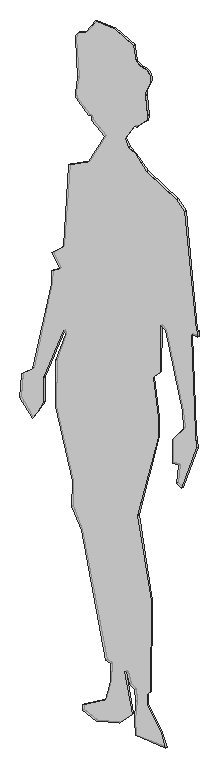
Revit family "ADSK_Антураж_Женщина_03", category Антураж, Revit 2019
Family settings
  На основе рабочей плоскости = Нет
  Всегда вертикально = Да
  При загрузке вырезать с полостями = Нет
  Источник визуального образа = Геометрия семейства
  Общий = Нет
  Точка расчета площади = Нет
Parameters (values of type "Тип")
  Высота = 0 mm
  Материал = Антураж
  ADSK_Версия семейства = "1.0"  # constant formula
  ADSK_Версия Revit = "v2019"  # constant formula
Reference planes
  plane 1 "Center (Front/Back)": y = 0
  plane 2: z = 0
  plane 3 "Center (Left/Right)": x = 0
  plane 4: z = 1600
Forms (mm)
  Extrusion 1, solid, material "Антураж" <- "Материал"
    sketch origin (0, 0, 0) x (1, 0, 0) y (0, 0, 1)
      loop
        line (47.517, 1315.953) -> (17.349, 1346.832) -> (0.698, 1356.017) -> (-8.636, 1374.502) -> (14.444, 1410.501) -> (21.884, 1409.16) -> (44.428, 1430.83)
        arc (44.428, 1430.83) -> (49.451, 1438.659) -> (50.39, 1447.914) r 20
        line (50.39, 1447.914) -> (44.573, 1491.167)
        arc (44.573, 1491.167) -> (44.564, 1496.43) -> (45.928, 1501.513) r 20
        line (45.928, 1501.513) -> (56.445, 1526.801)
        arc (56.445, 1526.801) -> (55.763, 1543.632) -> (42.465, 1553.972) r 20
        line (42.465, 1553.972) -> (32.784, 1556.2)
        arc (32.784, 1556.2) -> (22.741, 1561.946) -> (17.561, 1572.293) r 20
        line (17.561, 1572.293) -> (13.297, 1597.035) -> (-36.81, 1620.007) -> (-84.622, 1620.007) -> (-107.955, 1587.846) -> (-126.17, 1579.26)
        arc (-126.17, 1579.26) -> (-134.91, 1571.261) -> (-137.59, 1559.719) r 20
        line (-137.59, 1559.719) -> (-131.287, 1472.985) -> (-138.173, 1435.251)
        arc (-138.173, 1435.251) -> (-137.212, 1424.605) -> (-130.905, 1415.974) r 20
        line (-130.905, 1415.974) -> (-103.055, 1393.947) -> (-97.178, 1393.879) -> (-95.055, 1385.759) -> (-62.28, 1359.005) -> (-103.8, 1287.641) -> (-154.6, 1261.214) -> (-169.257, 1065.67) -> (-199.071, 1040.779) -> (-178.459, 1011.492) -> (-199.553, 999.356) -> (-199.891, 970.313) -> (-248.121, 754.207) -> (-277.408, 733.596) -> (-282.375, 675.082) -> (-273.899, 666.888) -> (-249.479, 637.557) -> (-236.861, 657.886) -> (-219.853, 687.212) -> (-219.177, 745.299) -> (-168.089, 870.966) -> (-164.367, 863.07) -> (-189.075, 794.949) -> (-190.333, 686.868) -> (-146.471, 527.786) -> (-147.147, 469.699) -> (-122.926, 423.226) -> (-59.516, 143.441) -> (-46.685, 141.21) -> (-47.193, 97.583) -> (-60.58, 52.024) -> (-119.055, 19.372) -> (-119.205, 6.516) -> (-81.735, -6.301) -> (-23.454, 9.687) -> (10.263, 42.628) -> (-9.617, 134.765) -> (-3.902, 133.771) -> (2.945, 109.38) -> (16.51, 102.399) -> (19.221, 75.857) -> (14.404, 30.199) -> (17.317, -5.318) -> (96.811, -5.318) -> (85.297, 25.088) -> (48.315, 79.804) -> (48.576, 102.26) -> (56.747, 108.754) -> (59.219, 321.106) -> (24.265, 509.132) -> (76.585, 708.523) -> (77.118, 754.231) -> (64.285, 844.844) -> (82.19, 862.743) -> (83.448, 970.824) -> (94.912, 963.061) -> (139.928, 791.119) -> (143.775, 753.455) -> (113.823, 716.661) -> (113.191, 662.383) -> (129.856, 662.189) -> (125.559, 620.334) -> (137.844, 612.096) -> (176.716, 719.738) -> (172.819, 753.117) -> (162.821, 978.472) -> (179.725, 978.275) -> (179.87, 990.654) -> (175.521, 991.265) -> (145.359, 1257.722) -> (124.654, 1278.916) -> (47.517, 1315.953)
    from 0 to 5
Lines and regions (mm)
  model lines
    curve 1: line (0, 150, 0) -> (0, -150, 0)
    curve 2: line (-150, 0, 0) -> (150, 0, 0)
Dimensions and locks
  aligned and locked: level to plane 2
